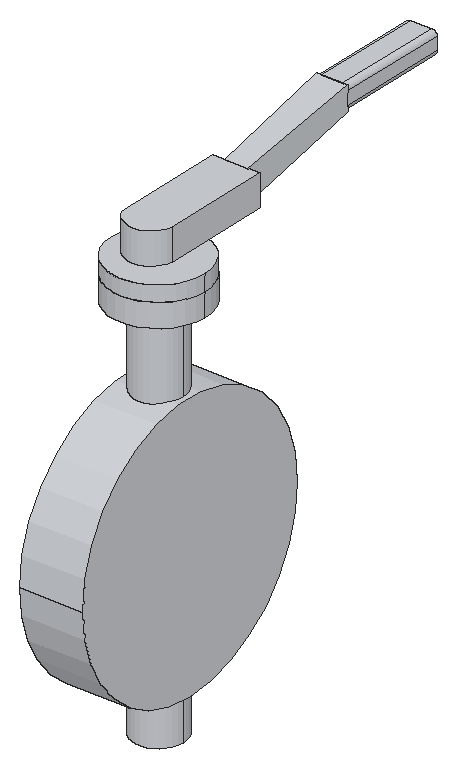
Revit family "HS497-68_disk-nerez_s pákou DN200-RFA_2018", category Pipe Accessories, Revit 2018
Family settings
  Round Connector Dimension = Use Diameter
  Part Type = Valve - Breaks Into
  Work Plane-Based = No
  Always vertical = Yes
  Cut with Voids When Loaded = No
  Shared = No
Parameters (values of type "HS 497-68_DN200_PN16_s pákou")
  magiProductId = "f88d96c7af224537a51e72d7d8fffe"
  magiProductFamilyId = "53cea81e6f374d17b8841d9c72ad77"
  magiPartTypeId = 305
  isMeasuringValve [instance] = no
  ang2D [instance] = 0.00°
  X11 = 61.456 mm
  X1 = 25.456 mm
  W2D = 1000 mm
  VersionID = "2.0/2017.9.26.1/ZETKAMA_497_001"
  Use Minimum Symbol Size [instance] = yes
  URL = "http://www.hydronic.cz"
  Type Comments = "mezipřírubová; nerezový disk; PN16; -10~+110°C (krátkodobě +120°C)"
  SW30 = no
  SW3 = no
  SW21 = no
  SW20 = yes
  SW2 = yes
  SW1 = no
  R = 100 mm
  QmdConnectorList = "301;D;302;D"
  Productdata [instance] = ""
  NC = 50 mm
  Manufacturer = "Hydronic Systems Prague s.r.o."
  MM20 = 25.456 mm
  MC Product Code = "121 200 (nerezový disk, s pákou; DN200; PN16, kvs2675)"
  M41 = 66 mm
  M4 = 44 mm
  LHL = 315 mm
  LHH3 = 3.75 mm
  LHH1 = 71.25 mm
  LH1 = 105 mm
  L4R__ve = -L4R  # -12.8 mm
  L4R = 12.8 mm
  L42__ve = -L42  # -96 mm
  L42 = 96 mm
  L41__ve = -L41  # -19.2 mm
  L41 = 19.2 mm
  L2D_Min = 3048 mm
  L2D = 216 mm
  L2 = 30 mm
  L1 = 48 mm
  L = 60 mm
  H = 33 mm
  G22 = 11.25 mm
  G2 = 22.5 mm
  G1 = 90 mm
  G = 90 mm
  F = 17 mm
  E44 = 31.25 mm
  E42 = 62.5 mm
  E4 = 125 mm
  E23 = 7.5 mm
  E22 = 30 mm
  E21 = 15 mm
  Description = "Mezipřírubová uzavírací klapka s pákou; nerezový disk, DN200; PN16; kvs2675"
  DR2 = 100 mm
  DR = 257 mm
  DD1 = 15.625 mm
  DD = 12.5 mm
  D = 200 mm
  CAT0 = yes
  B2__ve = -B2  # -70 mm
  B2 = 70 mm
  A2 = 22.5 mm
  A1 = 102.5 mm
Types (43, lengths in mm): name | magiProductId | X11 | X1 | Type Comments | SW30 | SW3 | SW20 | SW2 | SW1 | R | NC | Manufacturer | MM20 | MC Product Code | M41 | M4 | LHL | LHH3 | LHH1 | LH1 | L4R__ve | L4R | L42__ve | L42 | L41__ve | L41 | L2 | L1 | L | H | G | F | E44 | E42 | E4 | E23 | E22 | E21 | Description | DR2 | DR | DD1 | DD | D | B2__ve | B2 | A2 | A1
  HS 497-68_DN100_PN16_volné vřeteno | "65d1b245f4f142c78569c0602d5754" | 61.456 | 25.456 | "mezipřírubová; nerezový disk; PN16; -10~+110°C (krátkodobě +120°C)" | no | no | no | no | yes | 50 | 50 | "Hydronic Systems Prague s.r.o." | 25.456 | "124 100 (nerezový disk, s volným vřetenem; DN100; PN16, kvs512)" | 66 | 44 | 220 | 2.45 | 46.55 | 73.333 | -12.8 | 12.8 | -96 | 96 | -19.2 | 19.2 | 26 | 41.6 | 52 | 30 | 90 | 11 | 31.25 | 62.5 | 125 | 4.9 | 19.6 | 9.8 | "Mezipřírubová uzavírací klapka s volným vřetenem; nerezový disk, DN100; PN16; kvs512" | 50 | 147 | 15.625 | 12.5 | 100 | -56 | 56 | 16.5 | 98.5
  HS 497-68_DN100_PN16_převodové kolo | "11e91b807e674d428c8e796fcdcfe2" | 61.456 | 25.456 | "mezipřírubová; nerezový disk; PN16; -10~+110°C (krátkodobě +120°C)" | yes | yes | no | no | no | 50 | 50 | "Hydronic Systems Prague s.r.o." | 25.456 | "126 100 (nerezový disk, s převodovým kolem; DN100; PN16, kvs512)" | 65.25 | 43.5 | 220 | 2.45 | 46.55 | 73.333 | -12.8 | 12.8 | -96 | 96 | -19.2 | 19.2 | 26 | 41.6 | 52 | 30 | 90 | 11 | 31.25 | 62.5 | 125 | 4.9 | 19.6 | 9.8 | "Mezipřírubová uzavírací klapka s převodovým kolem; nerezový disk, DN100; PN16; kvs512" | 50 | 147 | 15.625 | 12.5 | 100 | -56 | 56 | 16.5 | 98.5
  HS 497-68_DN100_PN16_s pákou | "28172f0b3f4b47b28323ac71cf8749" | 61.456 | 25.456 | "mezipřírubová; nerezový disk; PN16; -10~+110°C (krátkodobě +120°C)" | no | no | yes | yes | no | 50 | 50 | "Hydronic Systems Prague s.r.o." | 25.456 | "121 100 (nerezový disk, s pákou; DN100; PN16, kvs512)" | 66 | 44 | 260 | 3 | 57 | 86.667 | -12.8 | 12.8 | -96 | 96 | -19.2 | 19.2 | 26 | 41.6 | 52 | 30 | 90 | 11 | 31.25 | 62.5 | 125 | 6 | 24 | 12 | "Mezipřírubová uzavírací klapka s pákou; nerezový disk, DN100; PN16; kvs512" | 50 | 147 | 15.625 | 12.5 | 100 | -56 | 56 | 16.5 | 98.5
  HS 497-68_DN125_PN16_volné vřeteno | "0d813d910fc14f628bb3c2efbd185c" | 61.456 | 25.456 | "mezipřírubová; nerezový disk; PN16; -10~+110°C (krátkodobě +120°C)" | no | no | no | no | yes | 62.5 | 50 | "Hydronic Systems Prague s.r.o." | 25.456 | "124 125 (nerezový disk, s volným vřetenem; DN125; PN16, kvs872)" | 66 | 44 | 220 | 2.45 | 46.55 | 73.333 | -12.8 | 12.8 | -96 | 96 | -19.2 | 19.2 | 28 | 44.8 | 56 | 33 | 90 | 14 | 31.25 | 62.5 | 125 | 4.9 | 19.6 | 9.8 | "Mezipřírubová uzavírací klapka s volným vřetenem; nerezový disk, DN125; PN16; kvs872" | 62.5 | 180 | 15.625 | 12.5 | 125 | -64 | 64 | 18 | 99.5
  HS 497-68_DN125_PN16_převodové kolo | "c56b7c13f372467684996fb1e0e229" | 61.456 | 25.456 | "mezipřírubová; nerezový disk; PN16; -10~+110°C (krátkodobě +120°C)" | yes | yes | no | no | no | 62.5 | 50 | "Hydronic Systems Prague s.r.o." | 25.456 | "126125 (nerezový disk, s převodovým kolem; DN125; PN16, kvs872)" | 65.25 | 43.5 | 220 | 2.45 | 46.55 | 73.333 | -13.5 | 13.5 | -101.25 | 101.25 | -20.25 | 20.25 | 28 | 44.8 | 56 | 33 | 90 | 14 | 40 | 80 | 160 | 4.9 | 19.6 | 9.8 | "Mezipřírubová uzavírací klapka s převodovým kolem; nerezový disk, DN125; PN16; kvs872" | 62.5 | 180 | 20 | 16 | 125 | -64 | 64 | 18 | 99.5
  HS 497-68_DN125_PN16_s pákou | "105993c79a91492399feef7931321a" | 61.456 | 25.456 | "mezipřírubová; nerezový disk; PN16; -10~+110°C (krátkodobě +120°C)" | no | no | yes | yes | no | 62.5 | 50 | "Hydronic Systems Prague s.r.o." | 25.456 | "121 125 (nerezový disk, s pákou; DN125; PN16, kvs872)" | 66 | 44 | 315 | 3.75 | 71.25 | 105 | -12.8 | 12.8 | -96 | 96 | -19.2 | 19.2 | 28 | 44.8 | 56 | 33 | 90 | 14 | 31.25 | 62.5 | 125 | 7.5 | 30 | 15 | "Mezipřírubová uzavírací klapka s pákou; nerezový disk, DN125; PN16; kvs872" | 62.5 | 180 | 15.625 | 12.5 | 125 | -64 | 64 | 18 | 99.5
  HS 497-68_DN150_PN16_volné vřeteno | "50c80cb8ab434f55ab7796e5ac1331" | 61.456 | 25.456 | "mezipřírubová; nerezový disk; PN16; -10~+110°C (krátkodobě +120°C)" | no | no | no | no | yes | 75 | 50 | "Hydronic Systems Prague s.r.o." | 25.456 | "124 150 (nerezový disk, s volným vřetenem; DN150; PN16, kvs1347)" | 66 | 44 | 220 | 2.45 | 46.55 | 73.333 | -12.8 | 12.8 | -96 | 96 | -19.2 | 19.2 | 28 | 44.8 | 56 | 33 | 90 | 14 | 31.25 | 62.5 | 125 | 4.9 | 19.6 | 9.8 | "Mezipřírubová uzavírací klapka s volným vřetenem; nerezový disk, DN150; PN16; kvs1347" | 75 | 206 | 15.625 | 12.5 | 150 | -58 | 58 | 19.3 | 98.7
  HS 497-68_DN150_PN16_převodové kolo | "d94a1a0cf83b476eb10011b327f709" | 61.456 | 25.456 | "mezipřírubová; nerezový disk; PN16; -10~+110°C (krátkodobě +120°C)" | yes | yes | no | no | no | 75 | 50 | "Hydronic Systems Prague s.r.o." | 25.456 | "126 150 (nerezový disk, s převodovým kolem; DN150; PN16, kvs1347)" | 65.25 | 43.5 | 220 | 2.45 | 46.55 | 73.333 | -13.5 | 13.5 | -101.25 | 101.25 | -20.25 | 20.25 | 28 | 44.8 | 56 | 33 | 90 | 14 | 40 | 80 | 160 | 4.9 | 19.6 | 9.8 | "Mezipřírubová uzavírací klapka s převodovým kolem; nerezový disk, DN150; PN16; kvs1347" | 75 | 206 | 20 | 16 | 150 | -58 | 58 | 19.3 | 98.7
  HS 497-68_DN150_PN16_s pákou | "4d2835523fe84828bc50ff0a5a0dfb" | 61.456 | 25.456 | "mezipřírubová; nerezový disk; PN16; -10~+110°C (krátkodobě +120°C)" | no | no | yes | yes | no | 75 | 50 | "Hydronic Systems Prague s.r.o." | 25.456 | "121 150 (nerezový disk, s pákou; DN150; PN16, kvs1347)" | 66 | 44 | 315 | 3.75 | 71.25 | 105 | -12.8 | 12.8 | -96 | 96 | -19.2 | 19.2 | 28 | 44.8 | 56 | 33 | 90 | 14 | 31.25 | 62.5 | 125 | 7.5 | 30 | 15 | "Mezipřírubová uzavírací klapka s pákou; nerezový disk, DN150; PN16; kvs1347" | 75 | 206 | 15.625 | 12.5 | 150 | -58 | 58 | 19.3 | 98.7
  HS 497-68_DN200_PN16_volné vřeteno | "5b29029eaeba47139ee1055a4b9201" | 61.456 | 25.456 | "mezipřírubová; nerezový disk; PN16; -10~+110°C (krátkodobě +120°C)" | no | no | no | no | yes | 100 | 50 | "Hydronic Systems Prague s.r.o." | 25.456 | "124 200 (nerezový disk, s volným vřetenem; DN200; PN16, kvs2675)" | 66 | 44 | 220 | 2.45 | 46.55 | 73.333 | -12.8 | 12.8 | -96 | 96 | -19.2 | 19.2 | 30 | 48 | 60 | 33 | 90 | 17 | 31.25 | 62.5 | 125 | 4.9 | 19.6 | 9.8 | "Mezipřírubová uzavírací klapka s volným vřetenem; nerezový disk, DN200; PN16; kvs2675" | 100 | 257 | 15.625 | 12.5 | 200 | -70 | 70 | 22.5 | 102.5
  HS 497-68_DN200_PN16_převodové kolo | "b2793cc1fcc44cf2a35062cd67c04f" | 61.456 | 25.456 | "mezipřírubová; nerezový disk; PN16; -10~+110°C (krátkodobě +120°C)" | yes | yes | no | no | no | 100 | 57 | "Hydronic Systems Prague s.r.o." | 25.456 | "126 200 (nerezový disk, s převodovým kolem; DN200; PN16, kvs2675)" | 78.75 | 52.5 | 220 | 2.45 | 46.55 | 73.333 | -15.2 | 15.2 | -114 | 114 | -22.8 | 22.8 | 30 | 48 | 60 | 33 | 90 | 17 | 50 | 100 | 200 | 4.9 | 19.6 | 9.8 | "Mezipřírubová uzavírací klapka s převodovým kolem; nerezový disk, DN200; PN16; kvs2675" | 100 | 257 | 25 | 20 | 200 | -70 | 70 | 22.5 | 102.5
  HS 497-68_DN200_PN16_s pákou | "f88d96c7af224537a51e72d7d8fffe" | 61.456 | 25.456 | "mezipřírubová; nerezový disk; PN16; -10~+110°C (krátkodobě +120°C)" | no | no | yes | yes | no | 100 | 50 | "Hydronic Systems Prague s.r.o." | 25.456 | "121 200 (nerezový disk, s pákou; DN200; PN16, kvs2675)" | 66 | 44 | 315 | 3.75 | 71.25 | 105 | -12.8 | 12.8 | -96 | 96 | -19.2 | 19.2 | 30 | 48 | 60 | 33 | 90 | 17 | 31.25 | 62.5 | 125 | 7.5 | 30 | 15 | "Mezipřírubová uzavírací klapka s pákou; nerezový disk, DN200; PN16; kvs2675" | 100 | 257 | 15.625 | 12.5 | 200 | -70 | 70 | 22.5 | 102.5
  HS 497-68_DN250_PN16_volné vřeteno | "b662e8305ca2402b9c510e66e6aa55" | 88.77 | 36.77 | "mezipřírubová; nerezový disk; PN16; -10~+110°C (krátkodobě +120°C)" | no | no | no | no | yes | 125 | 50 | "Hydronic Systems Prague s.r.o." | 36.77 | "124 250 (nerezový disk, s volným vřetenem; DN250; PN16, kvs4555)" | 66 | 44 | 220 | 2.45 | 46.55 | 73.333 | -12.8 | 12.8 | -96 | 96 | -19.2 | 19.2 | 34 | 54.4 | 68 | 23 | 130 | 22 | 31.25 | 62.5 | 125 | 4.9 | 19.6 | 9.8 | "Mezipřírubová uzavírací klapka s volným vřetenem; nerezový disk, DN250; PN16; kvs4555" | 125 | 324 | 15.625 | 12.5 | 250 | -85 | 85 | 28.25 | 129.25
  HS 497-68_DN250_PN16_převodové kolo | "5ee9016806664ddfaa2632711f295c" | 88.77 | 36.77 | "mezipřírubová; nerezový disk; PN16; -10~+110°C (krátkodobě +120°C)" | yes | yes | no | no | no | 125 | 70 | "Hydronic Systems Prague s.r.o." | 36.77 | "126 250 (nerezový disk, s převodovým kolem; DN250; PN16, kvs4555)" | 91.5 | 61 | 220 | 2.45 | 46.55 | 73.333 | -22.2 | 22.2 | -166.5 | 166.5 | -33.3 | 33.3 | 34 | 54.4 | 68 | 23 | 130 | 22 | 62.5 | 125 | 250 | 4.9 | 19.6 | 9.8 | "Mezipřírubová uzavírací klapka s převodovým kolem; nerezový disk, DN250; PN16; kvs4555" | 125 | 324 | 31.25 | 25 | 250 | -85 | 85 | 28.25 | 129.25
  HS 497-68_DN300_PN16_volné vřeteno | "e1886f51ff004380a649519258edf2" | 88.77 | 36.77 | "mezipřírubová; nerezový disk; PN16; -10~+110°C (krátkodobě +120°C)" | no | no | no | no | yes | 150 | 50 | "Hydronic Systems Prague s.r.o." | 36.77 | "124 300 (nerezový disk, s volným vřetenem; DN300; PN16, kvs7037)" | 66 | 44 | 220 | 2.45 | 46.55 | 73.333 | -12.8 | 12.8 | -96 | 96 | -19.2 | 19.2 | 39 | 62.4 | 78 | 23 | 130 | 22 | 31.25 | 62.5 | 125 | 4.9 | 19.6 | 9.8 | "Mezipřírubová uzavírací klapka s volným vřetenem; nerezový disk, DN300; PN16; kvs7037" | 150 | 376 | 15.625 | 12.5 | 300 | -90 | 90 | 30.8 | 127.2
  HS 497-68_DN300_PN16_převodové kolo | "6860f094f77d42088fbebc3c97f755" | 88.77 | 36.77 | "mezipřírubová; nerezový disk; PN16; -10~+110°C (krátkodobě +120°C)" | yes | yes | no | no | no | 150 | 70 | "Hydronic Systems Prague s.r.o." | 36.77 | "126 300 (nerezový disk, s převodovým kolem; DN300; PN16, kvs7037)" | 91.5 | 61 | 220 | 2.45 | 46.55 | 73.333 | -22.2 | 22.2 | -166.5 | 166.5 | -33.3 | 33.3 | 39 | 62.4 | 78 | 23 | 130 | 22 | 62.5 | 125 | 250 | 4.9 | 19.6 | 9.8 | "Mezipřírubová uzavírací klapka s převodovým kolem; nerezový disk, DN300; PN16; kvs7037" | 150 | 376 | 31.25 | 25 | 300 | -90 | 90 | 30.8 | 127.2
  HS 497-68_DN032_PN16_volné vřeteno | "8c5f65de52aa4067a77564107e31b2" | 61.456 | 25.456 | "mezipřírubová; nerezový disk; PN16; -10~+110°C (krátkodobě +120°C)" | no | no | no | no | yes | 16 | 50 | "Hydronic Systems Prague s.r.o." | 25.456 | "124 032 (nerezový disk, s volným vřetenem; DN32; PN16, kvs78)" | 66 | 44 | 220 | 2.45 | 46.55 | 73.333 | -12.8 | 12.8 | -96 | 96 | -19.2 | 19.2 | 16.5 | 26.4 | 33 | 30 | 90 | 11 | 31.25 | 62.5 | 125 | 4.9 | 19.6 | 9.8 | "Mezipřírubová uzavírací klapka s volným vřetenem; nerezový disk, DN32; PN16; kvs78" | 16 | 68 | 15.625 | 12.5 | 32 | -44.2 | 44.2 | 10.25 | 76.25
  HS 497-68_DN032_PN16_převodové kolo | "60aaeffa8b3a4e809ef000e4660060" | 61.456 | 25.456 | "mezipřírubová; nerezový disk; PN16; -10~+110°C (krátkodobě +120°C)" | yes | yes | no | no | no | 16 | 50 | "Hydronic Systems Prague s.r.o." | 25.456 | "126 032 (nerezový disk, s převodovým kolem; DN32; PN16, kvs78)" | 65.25 | 43.5 | 220 | 2.45 | 46.55 | 73.333 | -12.8 | 12.8 | -96 | 96 | -19.2 | 19.2 | 16.5 | 26.4 | 33 | 30 | 90 | 11 | 31.25 | 62.5 | 125 | 4.9 | 19.6 | 9.8 | "Mezipřírubová uzavírací klapka s převodovým kolem; nerezový disk, DN32; PN16; kvs78" | 16 | 68 | 15.625 | 12.5 | 32 | -44.2 | 44.2 | 10.25 | 76.25
  HS 497-68_DN032_PN16_s pákou | "9ad8088d610749a1b871aa2aad8007" | 61.456 | 25.456 | "mezipřírubová; nerezový disk; PN16; -10~+110°C (krátkodobě +120°C)" | no | no | yes | yes | no | 16 | 50 | "Hydronic Systems Prague s.r.o." | 25.456 | "121 032 (nerezový disk, s pákou; DN32; PN16, kvs78)" | 66 | 44 | 220 | 2.45 | 46.55 | 73.333 | -12.8 | 12.8 | -96 | 96 | -19.2 | 19.2 | 16.5 | 26.4 | 33 | 30 | 90 | 11 | 31.25 | 62.5 | 125 | 4.9 | 19.6 | 9.8 | "Mezipřírubová uzavírací klapka s pákou; nerezový disk, DN32; PN16; kvs78" | 16 | 68 | 15.625 | 12.5 | 32 | -44.2 | 44.2 | 10.25 | 76.25
  HS 497-68_DN350_PN10_volné vřeteno | "72a1e05f22944421b7e9596a877137" | 109.255 | 45.255 | "mezipřírubová; nerezový disk; PN10; -10~+110°C (krátkodobě +120°C)" | no | no | no | no | yes | 175 | 50 | "Hydronic Systems Prague s.r.o." | 45.255 | "124 350 (nerezový disk, s volným vřetenem; DN350; PN10, kvs10165)" | 66 | 44 | 220 | 2.45 | 46.55 | 73.333 | -12.8 | 12.8 | -96 | 96 | -19.2 | 19.2 | 39 | 62.4 | 78 | 31 | 160 | 22 | 31.25 | 62.5 | 125 | 4.9 | 19.6 | 9.8 | "Mezipřírubová uzavírací klapka s volným vřetenem; nerezový disk, DN350; PN10; kvs10165" | 175 | 430 | 15.625 | 12.5 | 350 | -88 | 88 | 33.85 | 129.65
  HS 497-68_DN350_PN10_převodové kolo | "a5a01426cb28494ba3afca92f1dace" | 109.255 | 45.255 | "mezipřírubová; nerezový disk; PN10; -10~+110°C (krátkodobě +120°C)" | yes | yes | no | no | no | 175 | 70 | "Hydronic Systems Prague s.r.o." | 45.255 | "126 350 (nerezový disk, s převodovým kolem; DN350; PN10, kvs10165)" | 91.5 | 61 | 220 | 2.45 | 46.55 | 73.333 | -22.2 | 22.2 | -166.5 | 166.5 | -33.3 | 33.3 | 39 | 62.4 | 78 | 31 | 160 | 22 | 62.5 | 125 | 250 | 4.9 | 19.6 | 9.8 | "Mezipřírubová uzavírací klapka s převodovým kolem; nerezový disk, DN350; PN10; kvs10165" | 175 | 430 | 31.25 | 25 | 350 | -88 | 88 | 33.85 | 129.65
  HS 497-68_DN400_PN10_volné vřeteno | "c70ebeb927c04ab99b176e257ad0a7" | 109.255 | 45.255 | "mezipřírubová; nerezový disk; PN10; -10~+110°C (krátkodobě +120°C)" | no | no | no | no | yes | 200 | 50 | "Hydronic Systems Prague s.r.o." | 45.255 | "124 400 (nerezový disk, s volným vřetenem; DN400; PN10, kvs13799)" | 66 | 44 | 220 | 2.45 | 46.55 | 73.333 | -12.8 | 12.8 | -96 | 96 | -19.2 | 19.2 | 51 | 81.6 | 102 | 31 | 160 | 27 | 31.25 | 62.5 | 125 | 4.9 | 19.6 | 9.8 | "Mezipřírubová uzavírací klapka s volným vřetenem; nerezový disk, DN400; PN10; kvs13799" | 200 | 485 | 15.625 | 12.5 | 400 | -108 | 108 | 38 | 142
  HS 497-68_DN400_PN10_převodové kolo | "cc64a4384dcb41b780d81810f4f293" | 109.255 | 45.255 | "mezipřírubová; nerezový disk; PN10; -10~+110°C (krátkodobě +120°C)" | yes | yes | no | no | no | 200 | 72.5 | "Hydronic Systems Prague s.r.o." | 45.255 | "126 400 (nerezový disk, s převodovým kolem; DN400; PN10, kvs13799)" | 103.5 | 69 | 220 | 2.45 | 46.55 | 73.333 | -27.8 | 27.8 | -208.5 | 208.5 | -41.7 | 41.7 | 51 | 81.6 | 102 | 31 | 160 | 27 | 75 | 150 | 300 | 4.9 | 19.6 | 9.8 | "Mezipřírubová uzavírací klapka s převodovým kolem; nerezový disk, DN400; PN10; kvs13799" | 200 | 485 | 37.5 | 30 | 400 | -108 | 108 | 38 | 142
  HS 497-68_DN040_PN16_volné vřeteno | "35f92312390745e88df5b5c325d9ee" | 61.456 | 25.456 | "mezipřírubová; nerezový disk; PN16; -10~+110°C (krátkodobě +120°C)" | no | no | no | no | yes | 20 | 50 | "Hydronic Systems Prague s.r.o." | 25.456 | "124 040 (nerezový disk, s volným vřetenem; DN40; PN16, kvs78)" | 66 | 44 | 220 | 2.45 | 46.55 | 73.333 | -12.8 | 12.8 | -96 | 96 | -19.2 | 19.2 | 16.5 | 26.4 | 33 | 30 | 90 | 11 | 31.25 | 62.5 | 125 | 4.9 | 19.6 | 9.8 | "Mezipřírubová uzavírací klapka s volným vřetenem; nerezový disk, DN40; PN16; kvs78" | 20 | 76 | 15.625 | 12.5 | 40 | -36 | 36 | 11 | 79
  HS 497-68_DN040_PN16_převodové kolo | "d88e968eae3445bc9b7b4e6ff35127" | 61.456 | 25.456 | "mezipřírubová; nerezový disk; PN16; -10~+110°C (krátkodobě +120°C)" | yes | yes | no | no | no | 20 | 50 | "Hydronic Systems Prague s.r.o." | 25.456 | "126 040 (nerezový disk, s převodovým kolem; DN40; PN16, kvs78)" | 65.25 | 43.5 | 220 | 2.45 | 46.55 | 73.333 | -12.8 | 12.8 | -96 | 96 | -19.2 | 19.2 | 16.5 | 26.4 | 33 | 30 | 90 | 11 | 31.25 | 62.5 | 125 | 4.9 | 19.6 | 9.8 | "Mezipřírubová uzavírací klapka s převodovým kolem; nerezový disk, DN40; PN16; kvs78" | 20 | 76 | 15.625 | 12.5 | 40 | -36 | 36 | 11 | 79
  HS 497-68_DN040_PN16_s pákou | "c1b522ca65b4407a98818f232eaacb" | 61.456 | 25.456 | "mezipřírubová; nerezový disk; PN16; -10~+110°C (krátkodobě +120°C)" | no | no | yes | yes | no | 20 | 50 | "Hydronic Systems Prague s.r.o." | 25.456 | "121 040 (nerezový disk, s pákou; DN40; PN16, kvs78)" | 66 | 44 | 220 | 2.45 | 46.55 | 73.333 | -12.8 | 12.8 | -96 | 96 | -19.2 | 19.2 | 16.5 | 26.4 | 33 | 30 | 90 | 11 | 31.25 | 62.5 | 125 | 4.9 | 19.6 | 9.8 | "Mezipřírubová uzavírací klapka s pákou; nerezový disk, DN40; PN16; kvs78" | 20 | 76 | 15.625 | 12.5 | 40 | -36 | 36 | 11 | 79
  HS 497-68_DN450_PN10_volné vřeteno | "a8358bc282f14872b3194e530e590a" | 129.74 | 53.74 | "mezipřírubová; nerezový disk; PN10; -10~+110°C (krátkodobě +120°C)" | no | no | no | no | yes | 225 | 50 | "Hydronic Systems Prague s.r.o." | 53.74 | "124 450 (nerezový disk, s volným vřetenem; DN450; PN10, kvs18514)" | 66 | 44 | 220 | 2.45 | 46.55 | 73.333 | -12.8 | 12.8 | -96 | 96 | -19.2 | 19.2 | 57 | 91.2 | 114 | 38 | 190 | 36 | 31.25 | 62.5 | 125 | 4.9 | 19.6 | 9.8 | "Mezipřírubová uzavírací klapka s volným vřetenem; nerezový, DN450; PN10; kvs18514" | 225 | 536 | 15.625 | 12.5 | 450 | -115 | 115 | 38.05 | 117.45
  HS 497-68_DN450_PN10_převodové kolo | "cdf2d80f54a9414f9cbe50647c0ebd" | 129.74 | 53.74 | "mezipřírubová; nerezový disk; PN10; -10~+110°C (krátkodobě +120°C)" | yes | yes | no | no | no | 225 | 91.5 | "Zetkama" | 53.74 | "126 450 (nerezový disk, s převodovým kolem; DN450; PN10, kvs18514)" | 144.75 | 96.5 | 220 | 2.45 | 46.55 | 73.333 | -32.1 | 32.1 | -240.75 | 240.75 | -48.15 | 48.15 | 57 | 91.2 | 114 | 38 | 190 | 36 | 100 | 200 | 400 | 4.9 | 19.6 | 9.8 | "Mezipřírubová uzavírací klapka s převodovým kolem; nerezový disk, DN450; PN10; kvs18514" | 225 | 536 | 50 | 40 | 450 | -115 | 115 | 38.05 | 117.45
  HS 497-68_DN500_PN10_volné vřeteno | "8c396e27bb2743f98f3c762b6517cd" | 143.397 | 59.397 | "mezipřírubová; nerezový disk; PN10; -10~+110°C (krátkodobě +120°C)" | no | no | no | no | yes | 250 | 50 | "Hydronic Systems Prague s.r.o." | 59.397 | "124 500 (nerezový disk, s volným vřetenem; DN500; PN10, kvs23805)" | 66 | 44 | 220 | 2.45 | 46.55 | 73.333 | -12.8 | 12.8 | -96 | 96 | -19.2 | 19.2 | 63.5 | 101.6 | 127 | 38 | 210 | 36 | 31.25 | 62.5 | 125 | 4.9 | 19.6 | 9.8 | "Mezipřírubová uzavírací klapka s volným vřetenem; nerezový disk, DN500; PN10; kvs23805" | 250 | 593 | 15.625 | 12.5 | 500 | -130 | 130 | 43.25 | 139.25
  HS 497-68_DN500_PN10_převodové kolo | "7647804f32e94cef828a7034a91a46" | 143.397 | 59.397 | "mezipřírubová; nerezový disk; PN10; -10~+110°C (krátkodobě +120°C)" | yes | yes | no | no | no | 250 | 91.5 | "Zetkama" | 59.397 | "126 500 (nerezový disk, s převodovým kolem; DN500; PN10, kvs23805)" | 144.75 | 96.5 | 220 | 2.45 | 46.55 | 73.333 | -32.1 | 32.1 | -240.75 | 240.75 | -48.15 | 48.15 | 63.5 | 101.6 | 127 | 38 | 210 | 36 | 100 | 200 | 400 | 4.9 | 19.6 | 9.8 | "Mezipřírubová uzavírací klapka s převodovým kolem; nerezový disk, DN500; PN10; kvs23805" | 250 | 593 | 50 | 40 | 500 | -130 | 130 | 43.25 | 139.25
  HS 497-68_DN050_volné vřeteno | "d71f296ecd6d4adf8f6e5d9853b4e0" | 61.456 | 25.456 | "mezipřírubová; nerezový disk; PN16; -10~+110°C (krátkodobě +120°C)" | no | no | no | no | yes | 25 | 50 | "Hydronic Systems Prague s.r.o." | 25.456 | "124 050 (nerezový disk, s volným vřetenem; DN50; PN16, kvs98)" | 66 | 44 | 220 | 2.45 | 46.55 | 73.333 | -12.8 | 12.8 | -96 | 96 | -19.2 | 19.2 | 21.5 | 34.4 | 43 | 30 | 90 | 11 | 31.25 | 62.5 | 125 | 4.9 | 19.6 | 9.8 | "Mezipřírubová uzavírací klapka s volným vřetenem; nerezový disk, DN50; PN16; kvs98" | 25 | 100 | 15.625 | 12.5 | 50 | -36.5 | 36.5 | 12 | 83
  HS 497-68_DN050_PN16_převodové kolo | "2fb080deeaed49c58418b94c1da5a4" | 61.456 | 25.456 | "mezipřírubová; nerezový disk; PN16; -10~+110°C (krátkodobě +120°C)" | yes | yes | no | no | no | 25 | 50 | "Hydronic Systems Prague s.r.o." | 25.456 | "126 050 (nerezový disk, s převodovým kolem; DN50; PN16, kvs98)" | 65.25 | 43.5 | 220 | 2.45 | 46.55 | 73.333 | -12.8 | 12.8 | -96 | 96 | -19.2 | 19.2 | 21.5 | 34.4 | 43 | 30 | 90 | 11 | 31.25 | 62.5 | 125 | 4.9 | 19.6 | 9.8 | "Mezipřírubová uzavírací klapka s převodovým kolem; nerezový disk, DN50; PN16; kvs98" | 25 | 100 | 15.625 | 12.5 | 50 | -36.5 | 36.5 | 12 | 83
  HS 497-68_DN050_PN16_s pákou | "dabc632061f94877a994b9b4e68112" | 61.456 | 25.456 | "mezipřírubová; nerezový disk; PN16; -10~+110°C (krátkodobě +120°C)" | no | no | yes | yes | no | 25 | 50 | "Hydronic Systems Prague s.r.o." | 25.456 | "121 050 (nerezový disk, s pákou; DN50; PN16, kvs98)" | 66 | 44 | 220 | 2.45 | 46.55 | 73.333 | -12.8 | 12.8 | -96 | 96 | -19.2 | 19.2 | 21.5 | 34.4 | 43 | 30 | 90 | 11 | 31.25 | 62.5 | 125 | 4.9 | 19.6 | 9.8 | "Mezipřírubová uzavírací klapka s pákou; nerezový disk, DN50; PN16; kvs98" | 25 | 100 | 15.625 | 12.5 | 50 | -36.5 | 36.5 | 12 | 83
  HS 497-68_DN600_PN10_volné vřeteno | "99d5892c14664fce81a7c5903f7711" | 143.397 | 59.397 | "mezipřírubová; nerezový disk; PN10; -10~+110°C (krátkodobě +120°C)" | no | no | no | no | yes | 300 | 50 | "Hydronic Systems Prague s.r.o." | 59.397 | "124 600 (nerezový disk, s volným vřetenem; DN600; PN10, kvs36778)" | 66 | 44 | 220 | 2.45 | 46.55 | 73.333 | -12.8 | 12.8 | -96 | 96 | -19.2 | 19.2 | 77 | 123.2 | 154 | 80 | 210 | 60 | 31.25 | 62.5 | 125 | 4.9 | 19.6 | 9.8 | "Mezipřírubová uzavírací klapka s volným vřetenem; nerezový disk, DN600; PN10; kvs36788" | 300 | 690 | 15.625 | 12.5 | 600 | -140 | 140 | 49.4 | 144.6
  HS 497-68_DN600_PN10_převodové kolo | "b1e26faab48a4c499f6bb11e7e3002" | 143.397 | 59.397 | "mezipřírubová; lnerezový disk; PN10; -10~+110°C (krátkodobě +120°C)" | yes | yes | no | no | no | 300 | 140 | "Hydronic Systems Prague s.r.o." | 59.397 | "126 600 (nerezový disk, s převodovým kolem; DN600; PN10, kvs36778)" | 206.25 | 137.5 | 220 | 2.45 | 46.55 | 73.333 | -40.8 | 40.8 | -306 | 306 | -61.2 | 61.2 | 77 | 123.2 | 154 | 80 | 210 | 60 | 125 | 250 | 500 | 4.9 | 19.6 | 9.8 | "Mezipřírubová uzavírací klapka s převodovým kolem; nerezový disk, DN600; PN10; kvs36788" | 300 | 690 | 62.5 | 50 | 600 | -140 | 140 | 49.4 | 144.6
  HS 497-68_DN065_PN16_volné vřeteno | "5e5e208646e34ec29f889baab5d08e" | 61.456 | 25.456 | "mezipřírubová; lnerezový disk; PN16; -10~+110°C (krátkodobě +120°C)" | no | no | no | no | yes | 32.5 | 50 | "Hydronic Systems Prague s.r.o." | 25.456 | "124 065 (nerezový disk, s volným vřetenem; DN65; PN16, kvs167)" | 66 | 44 | 220 | 2.45 | 46.55 | 73.333 | -12.8 | 12.8 | -96 | 96 | -19.2 | 19.2 | 23 | 36.8 | 46 | 30 | 90 | 11 | 31.25 | 62.5 | 125 | 4.9 | 19.6 | 9.8 | "Mezipřírubová uzavírací klapka s volným vřetenem; nerezový disk, DN65; PN16; kv167" | 32.5 | 108 | 15.625 | 12.5 | 65 | -36.5 | 36.5 | 13.5 | 89
  HS 497-68_DN065_PN16_převodové kolo | "654d74c8d15540b0bfe523d988ccb3" | 61.456 | 25.456 | "mezipřírubová; nerezový disk; PN16; -10~+110°C (krátkodobě +120°C)" | yes | yes | no | no | no | 32.5 | 50 | "Hydronic Systems Prague s.r.o." | 25.456 | "126 065 (nerezový disk, s převodovým kolem; DN65; PN16, kvs167)" | 65.25 | 43.5 | 220 | 2.45 | 46.55 | 73.333 | -12.8 | 12.8 | -96 | 96 | -19.2 | 19.2 | 23 | 36.8 | 46 | 30 | 90 | 11 | 31.25 | 62.5 | 125 | 4.9 | 19.6 | 9.8 | "Mezipřírubová uzavírací klapka s převodovým kolem; nerezový disk, DN65; PN16; kvs167" | 32.5 | 108 | 15.625 | 12.5 | 65 | -36.5 | 36.5 | 13.5 | 89
  HS 497-68_DN065_PN16_s pákou | "ebeb4b59db0641caaf6d6635ab37b9" | 61.456 | 25.456 | "mezipřírubová; nerezový disk; PN16; -10~+110°C (krátkodobě +120°C)" | no | no | yes | yes | no | 32.5 | 50 | "Hydronic Systems Prague s.r.o." | 25.456 | "121 065 (nerezový disk, s pákou; DN65; PN16, kvs167)" | 66 | 44 | 220 | 2.45 | 46.55 | 73.333 | -12.8 | 12.8 | -96 | 96 | -19.2 | 19.2 | 23 | 36.8 | 46 | 30 | 90 | 11 | 31.25 | 62.5 | 125 | 4.9 | 19.6 | 9.8 | "Mezipřírubová uzavírací klapka s pákou; nerezový disk, DN65; PN16; kvs167" | 32.5 | 108 | 15.625 | 12.5 | 65 | -36.5 | 36.5 | 13.5 | 89
  HS 497-68_DN080_PN16_volné vřeteno | "9e85c75c18654e1185a9c48ed6b00e" | 61.456 | 25.456 | "mezipřírubová; nerezový disk; PN16; -10~+110°C (krátkodobě +120°C)" | no | no | no | no | yes | 40 | 50 | "Hydronic Systems Prague s.r.o." | 25.456 | "124 080 (nerezový disk, s volným vřetenem; DN80; PN16, kvs258)" | 66 | 44 | 220 | 2.45 | 46.55 | 73.333 | -12.8 | 12.8 | -96 | 96 | -19.2 | 19.2 | 23 | 36.8 | 46 | 30 | 90 | 11 | 31.25 | 62.5 | 125 | 4.9 | 19.6 | 9.8 | "Mezipřírubová uzavírací klapka s volným vřetenem; nerezový disk, DN80; PN16; kvs258" | 40 | 124 | 15.625 | 12.5 | 80 | -54 | 54 | 14.1 | 86.9
  HS 497-68_DN080_PN16_převodové kolo | "5b3c8238c3d041e68c75b199e7ea46" | 61.456 | 25.456 | "mezipřírubová; nerezový disk; PN16; -10~+110°C (krátkodobě +120°C)" | yes | yes | no | no | no | 40 | 50 | "Hydronic Systems Prague s.r.o." | 25.456 | "126 080 (nerezový disk, s převodovým kolem; DN80; PN16, kvs258)" | 65.25 | 43.5 | 220 | 2.45 | 46.55 | 73.333 | -12.8 | 12.8 | -96 | 96 | -19.2 | 19.2 | 23 | 36.8 | 46 | 30 | 90 | 11 | 31.25 | 62.5 | 125 | 4.9 | 19.6 | 9.8 | "Mezipřírubová uzavírací klapka s převodovým kolem; nerezový disk, DN80; PN16; kvs258" | 40 | 124 | 15.625 | 12.5 | 80 | -54 | 54 | 14.1 | 86.9
  HS 497-68_DN080_PN16_s pákou | "e414795fab0f4eccb99bc3572c5477" | 61.456 | 25.456 | "mezipřírubová; nerezový disk; PN16; -10~+110°C (krátkodobě +120°C)" | no | no | yes | yes | no | 40 | 50 | "Hydronic Systems Prague s.r.o." | 25.456 | "121 080 (nerezový disk, s pákou; DN80; PN16, kvs258)" | 66 | 44 | 260 | 3 | 57 | 86.667 | -12.8 | 12.8 | -96 | 96 | -19.2 | 19.2 | 23 | 36.8 | 46 | 30 | 90 | 11 | 31.25 | 62.5 | 125 | 6 | 24 | 12 | "Mezipřírubová uzavírací klapka s pákou; nerezový disk, DN80; PN16; kvs258" | 40 | 124 | 15.625 | 12.5 | 80 | -54 | 54 | 14.1 | 86.9
  HS 497-68_DN250_PN16_s pákou | "" | 88.77 | 36.77 | "mezipřírubová; nerezový disk; PN16; -10~+110°C (krátkodobě +120°C)" | no | no | yes | yes | no | 125 | 70 | "Hydronic Systems Prague s.r.o." | 36.77 | "121 250 (nerezový disk, s ákou; DN250; PN16, kvs4555)" | 91.5 | 61 | 220 | 2.45 | 46.55 | 73.333 | -22.2 | 22.2 | -166.5 | 166.5 | -33.3 | 33.3 | 34 | 54.4 | 68 | 23 | 130 | 22 | 62.5 | 125 | 250 | 4.9 | 19.6 | 9.8 | "Mezipřírubová uzavírací klapka s pákou; nerezový disk, DN250; PN16; kvs4555" | 125 | 324 | 31.25 | 25 | 250 | -85 | 85 | 28.25 | 129.25
  HS 497-68_DN300_PN16_s pákou | "" | 88.77 | 36.77 | "mezipřírubová; nerezový disk; PN16; -10~+110°C (krátkodobě +120°C)" | no | no | yes | yes | no | 150 | 70 | "Hydronic Systems Prague s.r.o." | 36.77 | "121 300 (nerezový disk, s pákou; DN300; PN16, kvs7037)" | 91.5 | 61 | 220 | 2.45 | 46.55 | 73.333 | -22.2 | 22.2 | -166.5 | 166.5 | -33.3 | 33.3 | 39 | 62.4 | 78 | 23 | 130 | 22 | 62.5 | 125 | 250 | 4.9 | 19.6 | 9.8 | "Mezipřírubová uzavírací klapka s pákou; nerezový disk, DN300; PN16; kvs7037" | 150 | 376 | 31.25 | 25 | 300 | -90 | 90 | 30.8 | 127.2
Reference planes
  plane 1 "Center (Front/Back)": y = 0
  plane 2 "XYPLANE": z = 0
  plane 3 "Center (Left/Right)": x = 0
  plane 4 "473": x = -25.456
  plane 5 "472": x = -66
  plane 6 "471": y = -25.456
  plane 7 "470": y = 25.456
  plane 8 "469": x = -44
  plane 9 "468": y = -115.2
  plane 10 "467": y = -96
  plane 11 "466": z = 256.25
  plane 12 "465": z = 296.25
  plane 13 "464": y = 208.75
  plane 14 "463": z = 281.25
  plane 15 "462": z = 255
  plane 16 "461": z = 270
  plane 17 "460": y = 103.75
  plane 18 "459": x = -11.25
  plane 19 "458": x = 11.25
  plane 20 "457": y = -6.25
  plane 21 "456": x = -17.5
  plane 22 "455": x = 17.5
  plane 23 "454": z = 277.5
  plane 24 "453": y = 93.75
  plane 25 "452": y = -11.25
  plane 26 "451": x = -22.5
  plane 27 "450": x = 22.5
  plane 28 "449": z = 247.5
  plane 29 "448": z = 240
  plane 30 "447": z = -100
  plane 31 "446": z = 225
  plane 32 "445": z = 202.5
  plane 33 "444": z = 100
  plane 34 "443": x = 30
  plane 35 "442": x = -30
  plane 36 "441": z = 0
  plane 37 "440": y = 0
  plane 38 "439": x = 0
  plane 39 "438": z = 300
  plane 40 "437": z = 277.5
  plane 41 "436": x = 15
  plane 42 "435": x = -15
  plane 43 "434": y = 315
Forms (mm)
  Extrusion 1, solid, visible <- "SW3"
    sketch origin (-750, 0, 225) x (1, 0, 0) y (0, 1, 0)
      loop
        line (684, 25.456) -> (684, -25.456) -> (724.544, -25.456)
        arc (724.544, -25.456) -> (786, 0) -> (724.544, 25.456) r 36
        line (724.544, 25.456) -> (684, 25.456)
    from 0 to 62.5 <- "E42"
  Extrusion 2, solid, visible <- "SW30"
    sketch origin (0, -750, 0) x (0, 1, 0) y (0, 0, 1)
      loop
        circle (750, 256.25) r 7.813
    from 0 to 50 <- "NC"
  Extrusion 3, solid, visible <- "SW30"
    sketch origin (750, -115.2, 0) x (-1, 0, 0) y (0, 0, 1)
      loop
        circle (794, 256.25) r 62.5
    from 0 to -12.8 <- "L4R__ve"
  Extrusion 4, solid, visible <- "SW3"
    sketch origin (750, -96, 0) x (-1, 0, 0) y (0, 0, 1)
      loop
        circle (794, 256.25) r 7.813
    from 0 to -19.2 <- "L41__ve"
  Extrusion 5, solid, visible <- "SW30"
    sketch origin (750, 0, 0) x (-1, 0, 0) y (0, 0, 1)
      loop
        circle (794, 256.25) r 6.25
    from 0 to -96 <- "L42__ve"
  Blend 6, solid, visible <- "SW21"
    base sketch origin (750, 103.75, 0) x (-1, 0, 0) y (0, 0, 1)
      loop
        line (761.25, 270) -> (738.75, 270) -> (738.75, 255) -> (761.25, 255) -> (761.25, 270)
    top sketch origin (750, 103.75, 0) x (-1, 0, 0) y (0, 0, 1)
      loop
        line (761.25, 296.25) -> (738.75, 296.25) -> (738.75, 281.25) -> (761.25, 281.25) -> (761.25, 296.25)
    from 0 to 105
  Blend 7, solid, visible <- "SW21"
    base sketch origin (750, 93.75, 0) x (-1, 0, 0) y (0, 0, 1)
      loop
        line (761.25, 277.5) -> (738.75, 277.5) -> (738.75, 247.5) -> (761.25, 247.5) -> (761.25, 277.5)
    top sketch origin (750, 93.75, 0) x (-1, 0, 0) y (0, 0, 1)
      loop
        line (761.25, 270) -> (738.75, 270) -> (738.75, 255) -> (761.25, 255) -> (761.25, 270)
    from 0 to 10
  Blend 8, solid, visible <- "SW21"
    base sketch origin (-750, 0, 247.5) x (1, 0, 0) y (0, 1, 0)
      loop
        line (772.5, 93.75) -> (727.5, 93.75) -> (727.5, -11.25)
        arc (727.5, -11.25) -> (750, -31.25) -> (772.5, -11.25) r 22.656
        line (772.5, -11.25) -> (772.5, 93.75)
    top sketch origin (-750, 0, 247.5) x (1, 0, 0) y (0, 1, 0)
      loop
        line (767.5, 93.75) -> (732.5, 93.75) -> (732.5, -6.25)
        arc (732.5, -6.25) -> (750, -26.25) -> (767.5, -6.25) r 17.656
        line (767.5, -6.25) -> (767.5, 93.75)
    from 0 to 30
  Extrusion 9, solid, visible <- "SW2"
    sketch origin (-750, 0, 240) x (1, 0, 0) y (0, 1, 0)
      loop
        circle (750, 0) r 11.25
    from 0 to 7.5 <- "E23"
  Extrusion 10, solid, visible <- "SW2"
    sketch origin (-750, 0, 225) x (1, 0, 0) y (0, 1, 0)
      loop
        circle (750, 0) r 45
    from 0 to 15 <- "E21"
  Extrusion 11, solid, visible <- "CAT0"
    sketch origin (-750, 0, -100) x (1, 0, 0) y (0, 1, 0)
      loop
        circle (750, 0) r 24
    from 0 to -70 <- "B2__ve"
  Extrusion 12, solid, visible <- "CAT0"
    sketch origin (-750, 0, 202.5) x (1, 0, 0) y (0, 1, 0)
      loop
        circle (750, 0) r 45
    from 0 to 22.5 <- "A2"
  Extrusion 13, solid, visible <- "CAT0"
    sketch origin (-750, 0, 100) x (1, 0, 0) y (0, 1, 0)
      loop
        circle (750, 0) r 24
    from 0 to 102.5 <- "A1"
  Extrusion 14, solid, visible <- "CAT0"
    sketch origin (-30, -750, 0) x (0, 1, 0) y (0, 0, 1)
      loop
        circle (750, 0) r 128.5
    from 0 to 60 <- "L"
  Extrusion 15, solid, visible <- "SW1"
    sketch origin (-750, 0, 225) x (1, 0, 0) y (0, 1, 0)
      loop
        line (758.5, 8.5) -> (741.5, 8.5) -> (741.5, -8.5) -> (758.5, -8.5) -> (758.5, 8.5)
    from 0 to 33 <- "H"
  Blend 16, solid, visible <- "SW2"
    base sketch origin (750, 208.75, 0) x (-1, 0, 0) y (0, 0, 1)
      loop
        arc (765, 295) -> (763.536, 298.536) -> (760, 300) r 5
        line (760, 300) -> (740, 300)
        arc (740, 300) -> (736.464, 298.536) -> (735, 295) r 5
        line (735, 295) -> (735, 282.5)
        arc (735, 282.5) -> (736.464, 278.964) -> (740, 277.5) r 5
        line (740, 277.5) -> (760, 277.5)
        arc (760, 277.5) -> (763.536, 278.964) -> (765, 282.5) r 5
        line (765, 282.5) -> (765, 295)
    top sketch origin (750, 208.75, 0) x (-1, 0, 0) y (0, 0, 1)
      loop
        arc (765, 295) -> (763.536, 298.536) -> (760, 300) r 5
        line (760, 300) -> (740, 300)
        arc (740, 300) -> (736.464, 298.536) -> (735, 295) r 5
        line (735, 295) -> (735, 282.5)
        arc (735, 282.5) -> (736.464, 278.964) -> (740, 277.5) r 5
        line (740, 277.5) -> (760, 277.5)
        arc (760, 277.5) -> (763.536, 278.964) -> (765, 282.5) r 5
        line (765, 282.5) -> (765, 295)
    from 0 to 106.25
  Blend 17, solid, visible <- "SW20"
    base sketch origin (750, 208.75, 0) x (-1, 0, 0) y (0, 0, 1)
      loop
        line (765, 300) -> (735, 300) -> (735, 277.5) -> (765, 277.5) -> (765, 300)
    top sketch origin (750, 208.75, 0) x (-1, 0, 0) y (0, 0, 1)
      loop
        line (761.25, 277.5) -> (738.75, 277.5) -> (738.75, 247.5) -> (761.25, 247.5) -> (761.25, 277.5)
    from 0 to -115
  Extrusion 18, solid, visible <- "SW20"
    sketch origin (-750, 0, 247.5) x (1, 0, 0) y (0, 1, 0)
      loop
        line (772.5, 93.75) -> (727.5, 93.75) -> (727.5, -11.25)
        arc (727.5, -11.25) -> (750, -31.25) -> (772.5, -11.25) r 22.656
        line (772.5, -11.25) -> (772.5, 93.75)
    from 0 to 30 <- "E22"
  Extrusion 19, solid, not visible
    sketch origin (-30, -750, 0) x (0, 1, 0) y (0, 0, 1)
      loop
        circle (750, 0) r 10
    from 0 to 10
  Extrusion 20, solid, not visible
    sketch origin (30, -750, 0) x (0, 1, 0) y (0, 0, 1)
      loop
        circle (750, 0) r 10
    from 0 to -10
Lines and regions (mm)
  reference lines, not visible
    curve 1: circle (2, 2, 0) r 1 normal (0, 0, 1)
  reference lines
    curve 2: line (-25.456, -25.456, 225) -> (-25.456, 25.456, 225)
    curve 3: line (-17.5, -6.25, 247.5) -> (17.5, -6.25, 247.5)
    curve 4: line (-22.5, -11.25, 247.5) -> (22.5, -11.25, 247.5)
    curve 5: circle (0, 0, 225) r 1 normal (0, 0, 1)
    curve 6: line (-22.5, -11.25, 247.5) -> (22.5, -11.25, 247.5)
Dimensions and locks
  plane 1 "Center (Front/Back)" to curve 1 = 2 mm
  "X1": plane 3 "Center (Left/Right)" to plane 4 "473"
  "M41": plane 3 "Center (Left/Right)" to plane 5 "472"
  "MM20": plane 1 "Center (Front/Back)" to plane 6 "471"
  "MM20": plane 1 "Center (Front/Back)" to plane 7 "470"
  "M4": plane 3 "Center (Left/Right)" to plane 8 "469"
  "L41": plane 10 "467" to plane 9 "468"
  "L42": plane 1 "Center (Front/Back)" to plane 10 "467"
  "E44": plane 31 "446" to plane 11 "466"
  "LHH1": plane 31 "446" to plane 12 "465"
  "LH1": plane 17 "460" to plane 13 "464"
  "E21": plane 12 "465" to plane 14 "463"
  "E21": plane 16 "461" to plane 15 "462"
  "E23": plane 23 "454" to plane 16 "461"
  locked: plane 24 "453" to plane 17 "460" at 10
  "G22": plane 3 "Center (Left/Right)" to plane 18 "459"
  "G22": plane 3 "Center (Left/Right)" to plane 19 "458"
  locked: plane 25 "452" to plane 20 "457" at 5
  locked: plane 26 "451" to plane 21 "456" at 5
  locked: plane 27 "450" to plane 22 "455" at 5
  "E22": plane 28 "449" to plane 23 "454"
  "LH1": plane 25 "452" to plane 24 "453"
  "G22": plane 1 "Center (Front/Back)" to plane 25 "452"
  "G2": plane 3 "Center (Left/Right)" to plane 26 "451"
  "G2": plane 3 "Center (Left/Right)" to plane 27 "450"
  "E23": plane 29 "448" to plane 28 "449"
  "E21": plane 31 "446" to plane 29 "448"
  "R": plane 2 "XYPLANE" to plane 30 "447"
  "A2": plane 32 "445" to plane 31 "446"
  "A1": plane 33 "444" to plane 32 "445"
  "DR2": plane 2 "XYPLANE" to plane 33 "444"
  "L2": plane 3 "Center (Left/Right)" to plane 34 "443"
  "L2": plane 3 "Center (Left/Right)" to plane 35 "442"
  locked: plane 2 "XYPLANE" to plane 36 "441"
  locked: plane 1 "Center (Front/Back)" to plane 37 "440"
  locked: plane 3 "Center (Left/Right)" to plane 38 "439"
  "LHH3": plane 12 "465" to plane 39 "438"
  "LHH3": plane 14 "463" to plane 40 "437"
  "LHH3": plane 19 "458" to plane 41 "436"
  "LHH3": plane 18 "459" to plane 42 "435"
  "LHL": plane 1 "Center (Front/Back)" to plane 43 "434"
  "X11": curve 2 to Extrusion 1 sketch curve
  Extrusion 1 sketch curve to Extrusion 1 sketch curve = 0 mm  (x8)
  Blend 6 sketch curve to Blend 6 sketch curve = 0 mm  (x16)
  Blend 7 sketch curve to Blend 7 sketch curve = 0 mm  (x16)
  Blend 8 sketch curve to Blend 8 sketch curve = 0 mm  (x16)
  equal spacing: Extrusion 15 sketch curve, curve 5, Extrusion 15 sketch curve  (x2)
  "F": Extrusion 15 sketch curve to Extrusion 15 sketch curve  (x2)
  Blend 16 sketch curve to Blend 16 sketch curve = 0 mm  (x32)
  Blend 17 sketch curve to Blend 17 sketch curve = 0 mm  (x16)
  Extrusion 18 sketch curve to Extrusion 18 sketch curve = 0 mm  (x8)
  "DD1": diameter of Extrusion 2 sketch curve
  "E4": diameter of Extrusion 3 sketch curve
  "DD1": diameter of Extrusion 4 sketch curve
  "DD": diameter of Extrusion 5 sketch curve
  "G2": diameter of Extrusion 9 sketch curve
  "G1": diameter of Extrusion 10 sketch curve
  "L1": diameter of Extrusion 11 sketch curve
  "G": diameter of Extrusion 12 sketch curve
  "L1": diameter of Extrusion 13 sketch curve
  "DR": diameter of Extrusion 14 sketch curve
  radius of Blend 16 sketch curve = 5 mm  (x8)
  aligned and locked: level to plane 2 "XYPLANE"
  aligned and locked: Extrusion 1 sketch curve to plane 5 "472"
  aligned and locked: plane 7 "470" to Extrusion 1 sketch curve
  aligned and locked: plane 6 "471" to Extrusion 1 sketch curve
  aligned and locked: plane 5 "472" to Extrusion 1 sketch curve
  aligned and locked: plane 4 "473" to Extrusion 1 sketch curve  (x2)
  aligned and locked: plane 4 "473" to curve 2
  aligned and locked: plane 6 "471" to curve 2
  aligned and locked: plane 7 "470" to curve 2
  aligned and locked: Extrusion 1 sketch curve to plane 7 "470"
  aligned and locked: plane 11 "466" to Extrusion 2 sketch curve
  aligned and locked: plane 37 "440" to Extrusion 2 sketch curve
  aligned and locked: plane 8 "469" to Extrusion 3 sketch curve
  aligned and locked: plane 11 "466" to Extrusion 3 sketch curve
  aligned and locked: plane 8 "469" to Extrusion 4 sketch curve
  aligned and locked: plane 11 "466" to Extrusion 4 sketch curve
  aligned and locked: plane 8 "469" to Extrusion 5 sketch curve
  aligned and locked: plane 11 "466" to Extrusion 5 sketch curve
  aligned and locked: plane 12 "465" to Blend 6 sketch curve  (x2)
  aligned and locked: plane 18 "459" to Blend 6 sketch curve  (x4)
  aligned and locked: plane 19 "458" to Blend 6 sketch curve  (x4)
  aligned and locked: plane 14 "463" to Blend 6 sketch curve  (x2)
  aligned and locked: plane 16 "461" to Blend 6 sketch curve  (x2)
  aligned and locked: plane 15 "462" to Blend 6 sketch curve  (x2)
  aligned and locked: plane 13 "464" to Blend 6
  aligned and locked: plane 16 "461" to Blend 7 sketch curve  (x2)
  aligned and locked: plane 18 "459" to Blend 7 sketch curve  (x4)
  aligned and locked: plane 19 "458" to Blend 7 sketch curve  (x4)
  aligned and locked: plane 15 "462" to Blend 7 sketch curve  (x2)
  aligned and locked: plane 23 "454" to Blend 7 sketch curve  (x2)
  aligned and locked: plane 28 "449" to Blend 7 sketch curve  (x2)
  aligned and locked: plane 17 "460" to Blend 7
  aligned and locked: plane 24 "453" to Blend 8 sketch curve  (x4)
  aligned and locked: plane 22 "455" to Blend 8 sketch curve  (x2)
  aligned and locked: plane 21 "456" to Blend 8 sketch curve
  aligned and locked: plane 20 "457" to Blend 8 sketch curve  (x2)
  aligned and locked: curve 3 to plane 20 "457"
  aligned and locked: plane 21 "456" to curve 3
  aligned and locked: plane 22 "455" to curve 3
  aligned and locked: plane 27 "450" to Blend 8 sketch curve  (x2)
  aligned and locked: plane 26 "451" to Blend 8 sketch curve
  aligned and locked: plane 25 "452" to Blend 8 sketch curve  (x2)
  aligned and locked: curve 4 to plane 25 "452"
  aligned and locked: plane 26 "451" to curve 4
  aligned and locked: plane 27 "450" to curve 4
  aligned and locked: plane 23 "454" to Blend 8
  aligned and locked: plane 37 "440" to Extrusion 9 sketch curve
  aligned and locked: plane 38 "439" to Extrusion 9 sketch curve
  aligned and locked: plane 37 "440" to Extrusion 10 sketch curve
  aligned and locked: plane 38 "439" to Extrusion 10 sketch curve
  aligned and locked: plane 37 "440" to Extrusion 11 sketch curve
  aligned and locked: plane 38 "439" to Extrusion 11 sketch curve
  aligned and locked: plane 37 "440" to Extrusion 12 sketch curve
  aligned and locked: plane 38 "439" to Extrusion 12 sketch curve
  aligned and locked: plane 37 "440" to Extrusion 13 sketch curve
  aligned and locked: plane 38 "439" to Extrusion 13 sketch curve
  aligned and locked: plane 36 "441" to Extrusion 14 sketch curve
  aligned and locked: Extrusion 14 sketch curve to plane 37 "440"
  aligned and locked: plane 37 "440" to curve 5
  aligned and locked: plane 38 "439" to curve 5
  aligned and locked: plane 39 "438" to Blend 16 sketch curve  (x2)
  aligned and locked: plane 41 "436" to Blend 16 sketch curve  (x2)
  aligned and locked: Blend 16 sketch curve to plane 40 "437"  (x2)
  aligned and locked: Blend 16 sketch curve to plane 42 "435"  (x2)
  aligned and locked: plane 43 "434" to Blend 16
  aligned and locked: plane 23 "454" to Blend 17 sketch curve  (x2)
  aligned and locked: plane 18 "459" to Blend 17 sketch curve  (x2)
  aligned and locked: plane 19 "458" to Blend 17 sketch curve  (x2)
  aligned and locked: plane 28 "449" to Blend 17 sketch curve  (x2)
  aligned and locked: plane 39 "438" to Blend 17 sketch curve  (x2)
  aligned and locked: plane 42 "435" to Blend 17 sketch curve  (x2)
  aligned and locked: plane 41 "436" to Blend 17 sketch curve  (x2)
  aligned and locked: plane 40 "437" to Blend 17 sketch curve  (x2)
  aligned and locked: Blend 17 to plane 24 "453"
  aligned and locked: plane 24 "453" to Extrusion 18 sketch curve  (x2)
  aligned and locked: plane 27 "450" to Extrusion 18 sketch curve  (x2)
  aligned and locked: plane 26 "451" to Extrusion 18 sketch curve
  aligned and locked: plane 25 "452" to Extrusion 18 sketch curve  (x2)
  aligned and locked: curve 6 to plane 25 "452"
  aligned and locked: plane 26 "451" to curve 6
  aligned and locked: plane 27 "450" to curve 6
  aligned and locked: plane 36 "441" to Extrusion 19 sketch curve
  aligned and locked: Extrusion 19 sketch curve to plane 37 "440"
  aligned and locked: plane 36 "441" to Extrusion 20 sketch curve
  aligned and locked: Extrusion 20 sketch curve to plane 37 "440"
Automatic sketch dimensions
  Blend 8 sketch curve to plane 20 "457" = 2.344 mm  (x2)
  Extrusion 18 sketch curve to plane 20 "457" = 2.344 mm
  plane 25 "452" to Extrusion 19 sketch curve = 1.25 mm
  plane 25 "452" to Extrusion 20 sketch curve = 1.25 mm
  plane 3 "Center (Left/Right)" to curve 1 = 2 mm
  Extrusion 15 sketch curve to plane 3 "Center (Left/Right)" = 8.5 mm
  Extrusion 15 sketch curve to plane 20 "457" = 2.25 mm
  radius of curve 5 = 1 mm
  radius of curve 1 = 1 mm
Connectors
  piping at (-30, 0, 0), diameter 200, driven by "D"
    settings: on Extrusion 19, index 1, connector inside diameter 609.6 mm, connector length 0 mm, flow factor 0, pipe flow 0.0 L/s, pressure drop 0.0 Pa, fitting loss kfactor 0, connector angle 0.00°, fixture units 0, engagement length 0 mm, angle of deflection 0.00°, flow configuration 0, flow direction 0, fitting loss method 0, system type 29, joint type 0, gender type 0, connector reference index 2, connector utility 0, adjustable connector no, is connector primary yes, connector description ""
  piping at (30, 0, 0), diameter 200, driven by "D"
    settings: on Extrusion 20, index 2, connector inside diameter 609.6 mm, connector length 0 mm, flow factor 0, pipe flow 0.0 L/s, pressure drop 0.0 Pa, fitting loss kfactor 0, connector angle 0.00°, fixture units 0, engagement length 0 mm, angle of deflection 0.00°, flow configuration 0, flow direction 0, fitting loss method 0, system type 29, joint type 0, gender type 0, connector reference index 1, connector utility 0, adjustable connector no, is connector primary no, connector description ""
